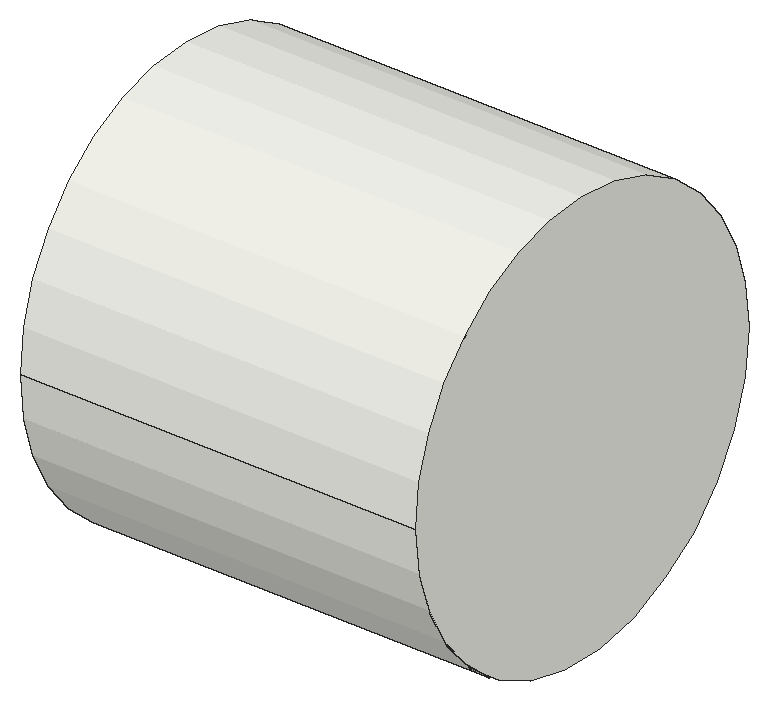
Revit family "PVC_Bucha", category Pipe Fittings, Revit 2025
Family settings
  Round Connector Dimension = Use Radius
  Part Type = Cap
  OmniClass Number = 23.60.30.11.14
  OmniClass Title = Pipework Fittings
  Work Plane-Based = No
  Always vertical = Yes
  Cut with Voids When Loaded = No
  Shared = No
Parameters
  Socket Length [instance] = size_lookup(Lookup Table Name, "SLgt", 0.44 * Nominal Diameter + 161/256", Nominal Diameter)  # 3/4"
  Radius 1 [instance] = (Height - Socket Length) / 2 + 0.5 * (Socket Outside Radius ^ 2) / (Height - Socket Length)  # 0.39794"
  Nominal Radius [instance] = 1/4"
  Nominal Diameter [instance] = Nominal Radius * 2  # 1/2"
  Loss Method = Not Defined
  Lookup Table Name = "Cap - PVC - Sch 40"
  Length 1 [instance] = sqrt((Radius 1 - (Height - Socket Length)) ^ 2 + Socket Outside Radius ^ 2)  # 0.39794"
  Height [instance] = size_lookup(Lookup Table Name, "Hgt", 0.67 * Nominal Diameter + 215/256", Nominal Diameter)  # 1.09"
  Socket Outside Radius [instance] = 0.3937"
  Socket Outside Diameter [instance] = size_lookup(Lookup Table Name, "SOD", 1.11 * Nominal Diameter + 69/128", Nominal Diameter)  # 1.09"
  Default Elevation = 0.000 m
Reference planes (m)
  plane 1 "Center (Front/Back)": y = 0
  plane 2: z = 0
  plane 3 "Center (Left/Right)": x = 0
  plane 4: x = 0.01905
  plane 5: x = 0.027686
  plane 6: y = 0.01
  plane 7: x = 0.017578
  plane 8: x = 0.027686
Forms (m)
  Extrusion 1, solid, material "PVC", detail levels fine
    sketch origin (0, 0, 0) x (0, 1, 0) y (0, 0, 1)
      loop
        circle (0, 0) r 0.01
    from 0 to 0.01905
Lines and regions (m)
  model lines, detail levels coarse+medium
    curve 1: line (0, 0.01, 0) -> (0.01905, 0.01, 0)
    curve 2: line (0.01905, 0.01, 0) -> (0.01905, -0.01, 0)
    curve 3: line (0.01905, -0.01, 0) -> (0, -0.01, 0)
Dimensions and locks (m)
  "Socket Length": plane 3 "Center (Left/Right)" to plane 4
  "Height": plane 3 "Center (Left/Right)" to plane 5
  equal spacing: curve 3, plane 1 "Center (Front/Back)", curve 1
  "Socket Outside Radius": plane 1 "Center (Front/Back)" to curve 1
  "Socket Outside Radius": plane 1 "Center (Front/Back)" to plane 6
  "Radius 1": plane 7 to plane 5
  "Length 1": plane 7 to plane 8
  "Socket Outside Radius": radius of Extrusion 1 sketch curve
  aligned and locked: level to Extrusion 1 sketch curve
  aligned and locked: plane 1 "Center (Front/Back)" to Extrusion 1 sketch curve
  aligned and locked: plane 4 to Extrusion 1
  aligned and locked: Extrusion 1 to plane 3 "Center (Left/Right)"
  aligned and locked: plane 3 "Center (Left/Right)" to curve 1
  aligned and locked: plane 3 "Center (Left/Right)" to curve 3
  aligned and locked: curve 2 to Extrusion 1
Connectors (m)
  piping at (0, 0, 0), diameter 0.0127, driven by "Nominal Radius"
    settings: on Extrusion 1, index 1, connector inside diameter 1/2", connector length 0.000 m, flow factor 0, pipe flow 0 GPM, pressure drop 0.00 psi, fitting loss kfactor 0, connector angle 0.00°, fixture units 0, engagement length 0.000 m, angle of deflection 0.00°, flow configuration 0, flow direction 0, fitting loss method 0, system type 28, joint type 0, gender type 0, connector reference index -1, connector utility 0, adjustable connector no, is connector primary yes, connector description ""
